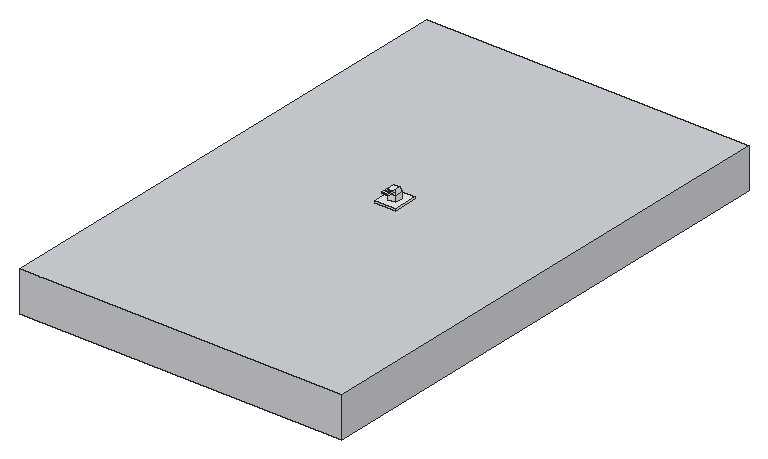
Revit family "Trim_Set-GROHE-Eurocube-19899000", category Plumbing Fixtures, host Face, Revit 2014
Parameters (values of type "19899000")
  Width = 6 1/4"  # constant formula
  Waste Connection = no
  Warranty Documentation Link = "https://cdn.cloud.grohe.com/tpi/1000/1900/1940/1949/1949006/original/1949006.pdf"
  WFU = 4  # constant formula
  Vent Connection = no
  URL = "https://www.grohe.us/"
  Type Comments = ""
  Tempered Connection Radius = Tempered Connection Diameter / 2  # 1/4"
  Tempered Connection Diameter = Hot Water Connection Diameter  # 1/2"
  Product Page URL = "https://www.grohe.us/en_us/grohe-eurocube-pressure-balance-valve-trimset-19899000.html"
  Price = "Prices may vary. Please consult Manufacturer Representative for most up-to-date price list."  # constant formula
  Model = "19899000"
  Material = "Metal-Grohe-000-Chrome"
  Manufacturer = "Grohe"
  Length = 2 13/16"  # constant formula
  Installation Type = "Wall Mounted"
  Hot Water Connection Radius = Hot Water Connection Diameter / 2  # 1/4"
  Hot Water Connection Diameter = Cold Water Connection Diameter  # 1/2"
  Height = 40"
  HWFU = 3  # constant formula
  HW Connection = yes
  Flow Rate = ""
  Finish = Metal-Grohe-000-Chrome
  Description = "Eurocube Pressure Balance Valve Trimset"  # constant formula
  Default Elevation = 44"  # constant formula
  Creation Date = "06/21/2017"  # constant formula
  Cold Water Connection Radius = 1/4"  # constant formula
  Cold Water Connection Diameter = Cold Water Connection Radius * 2  # 1/2"
  CWFU = 3  # constant formula
  CW Connection = yes
  Assembly Code = "D2010710"
  ADA Compliant = yes
Reference planes (in)
  plane 1 "Center (Front/Back)": y = 0
  plane 2: z = 0
  plane 3 "Center (Left/Right)": x = 0
  plane 4: y = 40
  plane 5: y = -18
  plane 6: y = -39
  plane 7: x = -1.21875
  plane 8: x = 1.21875
  plane 9: y = 3.625
  plane 10: y = -3.625
  plane 11: z = 0.5625
  plane 12: x = 3.125
  plane 13: x = -3.125
Forms (in)
  Extrusion 1, solid
    sketch origin (0, 0, 0) x (1, 0, 0) y (0, 1, 0)
      loop
        line (-48, 72) -> (-48, -79.70833) -> (48, -79.70833) -> (48, 72) -> (-48, 72)
    from 0 to -12
  Extrusion 2, solid, material "Metal-Grohe-000-Chrome" <- "Finish"
    sketch origin (0, 0, 0) x (1, 0, 0) y (0, 1, 0)
      loop
        line (-3.125, 3.625) -> (-3.125, -3.625) -> (3.125, -3.625) -> (3.125, 3.625) -> (-3.125, 3.625)
    from 0 to 0.5625
  Extrusion 3, solid, material "Metal-Grohe-000-Chrome" <- "Finish"
    sketch origin (0, 0, 0) x (1, 0, 0) y (0, 1, 0)
      loop
        line (-1.11505, 1.11505) -> (-1.11505, -1.11505) -> (1.11505, -1.11505) -> (1.11505, 1.11505) -> (-1.11505, 1.11505)
    from 0 to 2.27602
  Blend 4, solid, material "Metal-Grohe-000-Chrome" <- "Finish"
    base sketch origin (0, 0, 0) x (1, 0, 0) y (0, 1, 0)
      loop
        line (-1.11505, 1.11505) -> (-1.11505, -1.11505) -> (1.11505, -1.11505) -> (1.11505, 1.11505) -> (-1.11505, 1.11505)
    top sketch origin (0, 0, 0) x (1, 0, 0) y (0, 1, 0)
      loop
        line (-0.92256, 0.92324) -> (-0.92256, -0.90447) -> (0.91323, -0.90447) -> (0.91323, 0.92324) -> (-0.92256, 0.92324)
    from 2.30368 to 3.62945
  Extrusion 5, solid, material "Metal-Grohe-000-Chrome" <- "Finish"
    sketch origin (0, 0, 0) x (1, 0, 0) y (0, 1, 0)
      loop
        line (-0.92256, 0.92324) -> (-0.92256, -3.625) -> (0.91323, -3.625) -> (0.91323, 0.92324) -> (-0.92256, 0.92324)
      loop
        arc (-0.41089, -1.61614) -> (-0.55539, -1.67599) -> (-0.61524, -1.82049) r 0.20435
        line (-0.61524, -1.82049) -> (-0.61524, -2.63608)
        arc (-0.61524, -2.63608) -> (-0.56341, -2.76121) -> (-0.43828, -2.81304) r 0.17696
        line (-0.43828, -2.81304) -> (0.45513, -2.81304)
        arc (0.45513, -2.81304) -> (0.5446, -2.77598) -> (0.58166, -2.68651) r 0.12653
        line (0.58166, -2.68651) -> (0.58166, -1.78202)
        arc (0.58166, -1.78202) -> (0.53308, -1.66472) -> (0.41578, -1.61614) r 0.16588
        line (0.41578, -1.61614) -> (-0.41089, -1.61614)
    from 3.10927 to 3.62945
  Extrusion 6, void
    sketch origin (0, 0, 0) x (0, 1, 0) y (0, 0, 1)
      loop
        line (-3.71875, 3.41756) -> (-3.71875, 2.82556) -> (-0.48382, 2.82556) -> (-0.54115, 2.96061)
        arc (-0.54115, 2.96061) -> (-0.81758, 3.29297) -> (-1.23153, 3.41756) r 0.75
        line (-1.23153, 3.41756) -> (-3.71875, 3.41756)
    from -1.11505 to 1.11505
  Revolve 7, solid, material "Metal-Grohe-000-Chrome" <- "Finish"
    sketch origin (0, 0, 0) x (0, 1, 0) y (0, 0, 1)
      loop
        arc (0.92908, 2.19416) -> (0.58198, 2.70035) -> (0, 2.8953) r 0.96614
        line (0, 2.8953) -> (0, 2.05368) -> (0.92908, 2.05368) -> (0.92908, 2.19416)
      axis (0, 2.8953) -> (0, 2.05368)
    angle from 0 to 360
  Extrusion 8, solid, material "Metal-Grohe-000-Chrome" <- "Finish"
    sketch origin (0, 0, 0) x (1, 0, 0) y (0, 1, 0)
      loop
        circle (-0.85968, 0) r 0.25
      loop
        circle (0.85968, 0) r 0.25
    from 0 to 0.0625
Cuts and joins
  Extrusion 6 cuts Extrusion 5
  joined: Extrusion 2, Extrusion 3, Blend 4, Extrusion 5, Revolve 7, Extrusion 8
Lines and regions (in)
  Masking region 1
    outline origin (0, 0, 0) x (1, 0, 0) y (0, 0, 1)
      loop
        line (3.125, 0) -> (3.125, 0.5625) -> (1.11505, 0.5625) -> (1.11505, 2.27602) -> (1.00839, 2.27602) -> (0.95843, 2.30368) -> (1.11505, 2.30368) -> (0.91323, 3.62945) -> (-0.91323, 3.62945) -> (-1.11505, 2.30368) -> (-0.95843, 2.30368) -> (-1.00839, 2.27602) -> (-1.11505, 2.27602) -> (-1.11505, 0.5625) -> (-3.125, 0.5625) -> (-3.125, 0) -> (3.125, 0)
  symbolic lines, detail levels medium+fine
    curve 1: line (1.11505, 0, 0.5625) -> (-1.11505, 0, 0.5625)
  symbolic lines, detail levels fine
    curve 2: line (1.00839, 0, 2.27602) -> (-1.00839, 0, 2.27602)
    curve 3: line (0.95843, 0, 2.30368) -> (-0.95843, 0, 2.30368)
Dimensions and locks (in)
  plane 1 "Center (Front/Back)" to plane 5 = 18"
  plane 5 to plane 6 = 21"
  plane 1 "Center (Front/Back)" to plane 4 = 40"
  equal spacing: plane 9, plane 1 "Center (Front/Back)", plane 10
  plane 9 to plane 10 = 7 1/4"
  plane 11 to level = 9/16"
  equal spacing: plane 13, plane 3 "Center (Left/Right)", plane 12
  plane 13 to plane 12 = 6 1/4"
  "Hot Water Connection Diameter": diameter of Extrusion 8 sketch curve
  "Cold Water Connection Diameter": diameter of Extrusion 8 sketch curve
  aligned and locked: plane 2 to Extrusion 1
  aligned and locked: level to Extrusion 1
Automatic sketch dimensions
  Extrusion 1 sketch curve to Extrusion 1 sketch curve = 96"
  Extrusion 1 sketch curve to Extrusion 1 sketch curve = 151.70833"
  Extrusion 2 sketch curve to plane 10 = 0"
  plane 9 to Extrusion 2 sketch curve = 0"
  plane 7 to Extrusion 3 sketch curve = 0.1037"
  plane 8 to Extrusion 3 sketch curve = 0.1037"
  plane 1 "Center (Front/Back)" to Extrusion 3 sketch curve = 1.11505"
  Extrusion 3 sketch curve to plane 1 "Center (Front/Back)" = 1.11505"
  plane 7 to Blend 4 sketch curve = 0.1037"
  plane 8 to Blend 4 sketch curve = 0.1037"
  plane 1 "Center (Front/Back)" to Blend 4 sketch curve = 1.11505"
  Blend 4 sketch curve to plane 1 "Center (Front/Back)" = 1.11505"
  plane 7 to Blend 4 sketch curve = 0.29619"
  plane 8 to Blend 4 sketch curve = 0.30552"
  plane 1 "Center (Front/Back)" to Blend 4 sketch curve = 0.90447"
  Blend 4 sketch curve to plane 1 "Center (Front/Back)" = 0.92324"
  Extrusion 5 sketch curve to plane 10 = 0"
  plane 7 to Extrusion 5 sketch curve = 0.29619"
  plane 7 to Extrusion 5 sketch curve = 0.60351"
  Extrusion 5 sketch curve to Extrusion 5 sketch curve = 0.17696"
  Extrusion 5 sketch curve to Extrusion 5 sketch curve = 0.20435"
  plane 3 "Center (Left/Right)" to Extrusion 5 sketch curve = 0.41578"
  plane 3 "Center (Left/Right)" to Extrusion 5 sketch curve = 0.45513"
  Extrusion 5 sketch curve to Extrusion 5 sketch curve = 0.12653"
  plane 8 to Extrusion 5 sketch curve = 0.30552"
  plane 10 to Extrusion 5 sketch curve = 0.81196"
  Extrusion 5 sketch curve to Extrusion 5 sketch curve = 0.81559"
  Extrusion 5 sketch curve to plane 1 "Center (Front/Back)" = 0.92324"
  Extrusion 6 sketch curve to plane 10 = 3/32"
  plane 1 "Center (Front/Back)" to Extrusion 6 sketch curve = 1.23153"
  plane 1 "Center (Front/Back)" to Extrusion 6 sketch curve = 0.54115"
  Extrusion 6 sketch curve to Extrusion 6 sketch curve = 0.05733"
  level to Extrusion 6 sketch curve = 2.66756"
  Extrusion 6 sketch curve to Extrusion 6 sketch curve = 0.158"
  Extrusion 6 sketch curve to Extrusion 6 sketch curve = 0.13505"
  Revolve 7 sketch curve to plane 1 "Center (Front/Back)" = 0"  (x2)
  Revolve 7 sketch curve to Revolve 7 sketch curve = 0.92908"
  level to Revolve 7 sketch curve = 1.92916"
  Revolve 7 sketch curve to Revolve 7 sketch curve = 0.12451"
  Revolve 7 sketch curve to Revolve 7 sketch curve = 0.14049"
  Revolve 7 sketch curve to Revolve 7 sketch curve = 0.43619"
  Revolve 7 sketch curve to Revolve 7 sketch curve = 0.17196"
  Extrusion 2 sketch curve to plane 7 = 1 29/32"
  Extrusion 2 sketch curve to plane 8 = 1 29/32"
  Masking region 1 sketch curve to plane 11 = 0"  (x2)
  Masking region 1 sketch curve to plane 13 = 0"
  plane 12 to Masking region 1 sketch curve = 0"
  Masking region 1 sketch curve to level = 0"
  plane 7 to Masking region 1 sketch curve = 0.1037"  (x2)
  Masking region 1 sketch curve to Masking region 1 sketch curve = 0.10666"
  Masking region 1 sketch curve to Masking region 1 sketch curve = 0.04996"  (x2)
  plane 7 to Masking region 1 sketch curve = 0.30552"
  plane 8 to Masking region 1 sketch curve = 0.30552"
  plane 8 to Masking region 1 sketch curve = 0.26032"
  plane 8 to Masking region 1 sketch curve = 0.1037"
  Masking region 1 sketch curve to Masking region 1 sketch curve = 0"
  plane 11 to Masking region 1 sketch curve = 1.71352"  (x2)
  Masking region 1 sketch curve to Masking region 1 sketch curve = 0.02765"  (x2)
  Masking region 1 sketch curve to Masking region 1 sketch curve = 1.32577"
  curve 1 to plane 11 = 0"
  plane 7 to curve 1 = 0.1037"
  plane 7 to curve 2 = 0.21036"
  curve 2 to curve 3 = 0.04996"
  plane 8 to curve 3 = 0.26032"
  curve 3 to curve 2 = 0.04996"
  plane 8 to curve 1 = 0.1037"
  plane 11 to curve 2 = 1.71352"
  curve 2 to curve 3 = 0.02765"
  plane 1 "Center (Front/Back)" to Extrusion 8 sketch curve = 0"  (x2)
  plane 7 to Extrusion 8 sketch curve = 0.35907"
  plane 8 to Extrusion 8 sketch curve = 0.35907"
Connectors (in)
  piping at (-0.85968, 0, 0), diameter 0.5, driven by "Hot Water Connection Diameter"
    settings: on Extrusion 8, index 1, connector inside diameter 24", connector length 0", flow factor 0, pipe flow 0 GPM, pressure drop 0.00 psi, fitting loss kfactor 0, connector angle 0.00°, fixture units 0, engagement length 0", angle of deflection 0.00°, flow configuration 0, flow direction 1, fitting loss method 0, system type 19, joint type 0, gender type 0, connector reference index -1, connector utility 0, adjustable connector no, is connector primary yes, connector description "1/2\" NPT HW Inlet"
  piping at (0.85968, 0, 0), diameter 0.5, driven by "Cold Water Connection Diameter"
    settings: on Extrusion 8, index 2, connector inside diameter 24", connector length 0", flow factor 0, pipe flow 0 GPM, pressure drop 0.00 psi, fitting loss kfactor 0, connector angle 0.00°, fixture units 0, engagement length 0", angle of deflection 0.00°, flow configuration 0, flow direction 1, fitting loss method 0, system type 20, joint type 0, gender type 0, connector reference index -1, connector utility 0, adjustable connector no, is connector primary no, connector description "1/2\" NPT CW Inlet"
